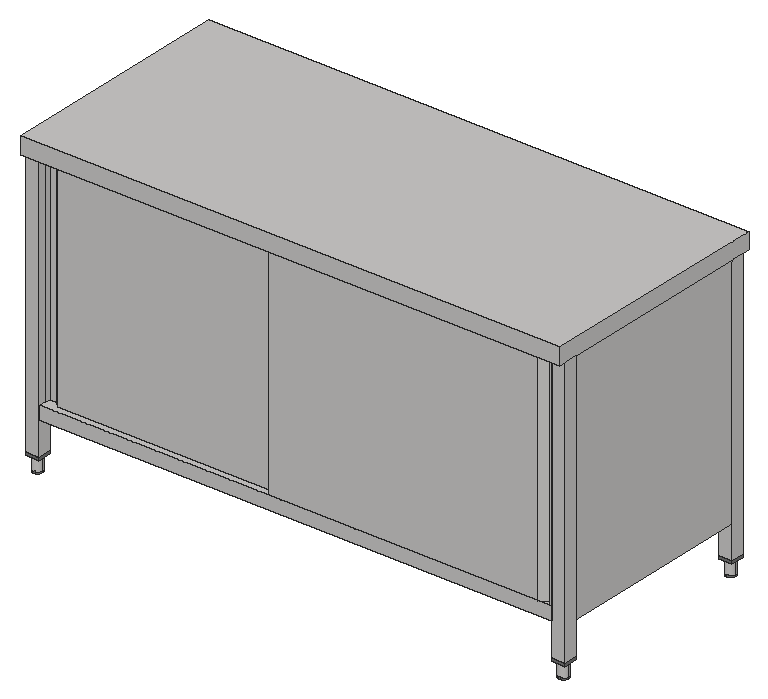
Revit family "QF_ELECTROLUXPROFESSIONAL_134030_GTN1600E", category Attrezzature speciali, Revit 2020
Family settings
  Quota connettore circolare = Usa diametro
  Tipo di parte = Normale
  Basato su piano di lavoro = No
  Sempre verticale = Sì
  Taglio con vuoti quando caricato = No
  Condiviso = No
  Punto di calcolo locali = No
Parameters (values of type "Standard")
  Weight = 84.00 kg
  Watts = 0 W
  Volts = 0 V
  URL Manufacturer = "https://www.electroluxprofessional.com/"
  URL = "https://www.electroluxprofessional.com/"
  Steam Supply Size = 0 mm
  Steam Supply Minimum Pressure = 0.0 Pa
  Steam Supply Maximum Pressure = 0.0 Pa
  Steam Consumption per Hour = 0
  Refrigeration Suction Line Size = 0.0 mm
  Refrigeration Liquid Line Size = 0.0 mm
  Refrigerant Compressor Remote = yes
  Prospetto di default = 0.0 mm
  Produttore = "Electrolux Professional"
  Phase = 0
  Modello = "GTN1600E"
  Length Actual = 1600.0 mm  # constant formula
  Item Number = "134030"
  Hot Water Size = 0 mm
  Height Actual = 900.0 mm  # constant formula
  HP = "0 HP"
  Gas Size = 0 mm
  Gas KW = 0
  Gas Input Pressure = 0 W
  Direct Waste Size = 0 mm
  Descrizione = "WORKTOP CUPBOARD 1600 MM"
  Depth Actual = 700.0 mm  # constant formula
  Cycle = 0 Hz
  Condensate Return Size = 0 mm
  Compressed Air Volume = 0.0 L/s
  Compressed Air Size = 0 mm
  Compressed Air Pressure = 0.0 Pa
  Cold Water Size = 0 mm
  Accessory = yes
Reference planes
  plane 1 "Center (Front/Back)": y = 0
  plane 2: z = 0
  plane 3 "Center (Left/Right)": x = -300
  plane 4 "LEFT": x = -1100
  plane 5 "RIGHT": x = 500
  plane 6 "BACK": y = 350
  plane 7 "FRONT": y = -350
  plane 8 "Base": z = 850
  plane 9 "TOP": z = 900
  plane 10: x = -1080
  plane 11: x = 480
  plane 12: y = 310
  plane 13: y = -310
  plane 14 "BodyLeft": x = -1100
  plane 15 "BodyFront": y = -330
  plane 16 "BodyRight": x = 500
  plane 17 "BodyBack": y = 330
  plane 18 "FEET": z = 150
  plane 19: x = -220
  plane 20: x = -380
Forms (mm)
  Extrusion 1, solid, material "QF_Finishes_Stainless Steel"
    sketch origin (-300, 0, 0) x (0, 1, 0) y (0, 0, 1)
      loop
        line (-350, 850) -> (350, 850) -> (350, 900) -> (-350, 900) -> (-350, 850)
    from 800 to -800
  Extrusion 2, solid, material "QF_Finishes_Stainless Steel"
    sketch origin (0, 0, 150) x (-1, 0, 0) y (0, -1, 0)
      loop
        line (1100, -290) -> (1100, 290) -> (1060, 290) -> (1060, -290) -> (1100, -290)
      loop
        line (-460, -290) -> (-460, 290) -> (-500, 290) -> (-500, -290) -> (-460, -290)
    from 0 to 700
  Extrusion 3, solid, material "QF_Finishes_Stainless Steel"
    sketch origin (0, 0, 150) x (-1, 0, 0) y (0, -1, 0)
      loop
        line (1060, -290) -> (1060, 330) -> (-460, 330) -> (-460, -290) -> (1060, -290)
    from 0 to 40
  Extrusion 4, solid, material "QF_Finishes_Stainless Steel"
    sketch origin (0, 0, 150) x (-1, 0, 0) y (0, -1, 0)
      loop
        line (1060, -290) -> (-460, -290) -> (-460, -330) -> (1060, -330) -> (1060, -290)
    from 0 to 700
  Extrusion 5, solid, material "QF_Finishes_Stainless Steel"
    sketch origin (0, 0, 150) x (-1, 0, 0) y (0, -1, 0)
      loop
        line (-460, 330) -> (-460, 310) -> (380, 310) -> (380, 330) -> (-420, 330) -> (-440, 315) -> (-455, 315) -> (-455, 330) -> (-460, 330)
    from 40 to 700
  Extrusion 6, solid, material "QF_Finishes_Stainless Steel"
    sketch origin (0, 20, 150) x (1, 0, 0) y (0, 1, 0)
      loop
        line (-1060, -330) -> (-1055, -330) -> (-1055, -315) -> (-1040, -315) -> (-1020, -330) -> (-220, -330) -> (-220, -310) -> (-1060, -310) -> (-1060, -330)
    from 40 to 700
  Extrusion 7, solid, material "QF_Finishes_Stainless Steel"
    sketch origin (0, 0, 150) x (-1, 0, 0) y (0, -1, 0)
      loop
        line (1060, 290) -> (-460, 290) -> (-460, -290) -> (1060, -290) -> (1060, 290)
    from 350 to 390
Lines and regions (mm)
  symbolic lines
    curve 1: line (500, 350, 900) -> (-1100, 350, 900)
    curve 2: line (-1100, 350, 900) -> (-1100, -350, 900)
    curve 3: line (-1100, -350, 900) -> (500, -350, 900)
    curve 4: line (500, -350, 900) -> (500, 350, 900)
  symbolic lines, style "SpecialityEquipmentHiddenLines"
    curve 5: line (-1100, 330, 150) -> (500, 330, 150)
    curve 6: line (-1100, -330, 150) -> (-1100, 330, 150)
    curve 7: line (500, -330, 150) -> (-1100, -330, 150)
    curve 8: line (500, 330, 150) -> (500, -330, 150)
    curve 9: line (-1060, -290, 150) -> (-220, -290, 150)
    curve 10: line (-220, -290, 150) -> (-220, -310, 150)
    curve 11: line (-1060, -310, 150) -> (460, -310, 150)
    curve 12: line (460, -310, 150) -> (460, -330, 150)
    curve 13: line (-380, -310, 150) -> (-380, -330, 150)
    curve 14: line (-1060, -290, 150) -> (-1060, -310, 150)
Dimensions and locks
  plane 4 "LEFT" to plane 5 "RIGHT" = 1600.0 mm
  equal spacing: plane 4 "LEFT", plane 3 "Center (Left/Right)", plane 5 "RIGHT"
  locked: plane 8 "Base" to level at 850
  plane 9 "TOP" to level = 900.0 mm
  plane 6 "BACK" to plane 7 "FRONT" = 700.0 mm
  equal spacing: plane 6 "BACK", plane 1 "Center (Front/Back)", plane 7 "FRONT"
  locked: plane 4 "LEFT" to plane 14 "BodyLeft"
  locked: plane 16 "BodyRight" to plane 5 "RIGHT"
  locked: plane 15 "BodyFront" to plane 7 "FRONT" at 20
  locked: plane 6 "BACK" to plane 17 "BodyBack" at 20
  locked: plane 14 "BodyLeft" to plane 10 at 20
  locked: plane 11 to plane 16 "BodyRight" at 20
  locked: plane 13 to plane 15 "BodyFront" at 20
  locked: plane 17 "BodyBack" to plane 12 at 20
  plane 10 to plane 11 = 1560.0 mm
  plane 12 to plane 13 = 620.0 mm
  locked: plane 14 "BodyLeft" to Extrusion 2 sketch curve at 40
  Extrusion 2 sketch curve to Extrusion 2 sketch curve = 40.0 mm
  locked: plane 3 "Center (Left/Right)" to plane 19 at 80
  locked: plane 20 to plane 3 "Center (Left/Right)" at 80
  locked: plane 18 "FEET" to plane 2 at 150
  aligned and locked: level to plane 2
  aligned and locked: plane 10 to nested 1
  aligned and locked: nested 1 to plane 13
  aligned and locked: plane 11 to nested 2
  aligned and locked: nested 2 to plane 13
  aligned and locked: plane 11 to nested 4
  aligned and locked: nested 4 to plane 12
  aligned and locked: plane 10 to nested 3
  aligned and locked: nested 3 to plane 12
  aligned and locked: Extrusion 1 to plane 4 "LEFT"
  aligned and locked: plane 5 "RIGHT" to Extrusion 1
  aligned and locked: curve 2 to plane 4 "LEFT"
  aligned and locked: Extrusion 2 sketch curve to plane 14 "BodyLeft"
  aligned and locked: plane 16 "BodyRight" to Extrusion 2 sketch curve
  aligned and locked: plane 8 "Base" to Extrusion 2
  aligned and locked: plane 8 "Base" to Extrusion 5
  aligned and locked: Extrusion 5 to Extrusion 3
  aligned and locked: Extrusion 6 sketch curve to plane 19
  aligned and locked: Extrusion 5 sketch curve to plane 20
  aligned and locked: Extrusion 1 to plane 8 "Base"
  aligned and locked: plane 9 "TOP" to Extrusion 1
  aligned and locked: curve 5 to plane 17 "BodyBack"
  aligned and locked: plane 14 "BodyLeft" to curve 6
  aligned and locked: plane 15 "BodyFront" to curve 7
  aligned and locked: plane 16 "BodyRight" to curve 8
  aligned and locked: Extrusion 3 sketch curve to Extrusion 2  (x2)
  aligned and locked: Extrusion 2 to Extrusion 4 sketch curve  (x2)
  aligned and locked: curve 7 to Extrusion 3 sketch curve
  aligned and locked: Extrusion 3 sketch curve to Extrusion 4
  aligned and locked: Extrusion 4 to plane 18 "FEET"
Automatic sketch dimensions
  curve 3 to plane 7 "FRONT" = 0.0 mm
  curve 4 to plane 6 "BACK" = 0.0 mm
  Extrusion 1 sketch curve to plane 7 "FRONT" = 0.0 mm
  plane 9 "TOP" to Extrusion 1 sketch curve = 0.0 mm
  Extrusion 1 sketch curve to plane 6 "BACK" = 0.0 mm
  Extrusion 1 sketch curve to plane 8 "Base" = 0.0 mm
  Extrusion 5 sketch curve to plane 15 "BodyFront" = 0.0 mm  (x2)
  Extrusion 5 sketch curve to plane 11 = 20.0 mm
  Extrusion 5 sketch curve to Extrusion 5 sketch curve = 5.0 mm
  Extrusion 5 sketch curve to Extrusion 5 sketch curve = 15.0 mm
  Extrusion 5 sketch curve to Extrusion 5 sketch curve = 20.0 mm
  plane 15 "BodyFront" to Extrusion 5 sketch curve = 15.0 mm
  plane 15 "BodyFront" to Extrusion 5 sketch curve = 20.0 mm
  Extrusion 6 sketch curve to plane 15 "BodyFront" = 20.0 mm  (x2)
  Extrusion 6 sketch curve to plane 10 = 20.0 mm
  Extrusion 6 sketch curve to Extrusion 6 sketch curve = 5.0 mm
  Extrusion 6 sketch curve to Extrusion 6 sketch curve = 15.0 mm
  Extrusion 6 sketch curve to Extrusion 6 sketch curve = 20.0 mm  (x2)
  Extrusion 6 sketch curve to plane 15 "BodyFront" = 35.0 mm
  curve 10 to plane 19 = 0.0 mm
  curve 13 to plane 20 = 0.0 mm
  curve 11 to plane 11 = 20.0 mm
  plane 15 "BodyFront" to curve 9 = 40.0 mm
  curve 12 to curve 12 = 20.0 mm
  plane 10 to curve 14 = 20.0 mm
  Extrusion 4 sketch curve to plane 12 = 20.0 mm
  plane 13 to Extrusion 2 sketch curve = 20.0 mm  (x2)
  Extrusion 2 sketch curve to plane 12 = 20.0 mm  (x2)
  Extrusion 4 sketch curve to plane 17 "BodyBack" = 0.0 mm
  Extrusion 7 sketch curve to plane 11 = 20.0 mm
  plane 10 to Extrusion 7 sketch curve = 20.0 mm
  Extrusion 7 sketch curve to plane 12 = 20.0 mm
  plane 13 to Extrusion 7 sketch curve = 20.0 mm
  curve 4 to plane 5 "RIGHT" = 0.0 mm
Nested families
  nested 1: "FEET_40x40_APP50" at (-1080, -310, 0), type "FEET_40x40_APP50"
  nested 2: "FEET_40x40_APP50" at (480, -310, 0), type "FEET_40x40_APP50"
  nested 3: "FEET_40x40_APP50" at (-1080, 310, 0), type "FEET_40x40_APP50"
  nested 4: "FEET_40x40_APP50" at (480, 310, 0), type "FEET_40x40_APP50"
Definition of nested family "FEET_40x40_APP50"
  Parameters
    Default Elevation = 0.0 mm
    FEET = 850.0 mm
  Reference planes
    plane 1 "Center (Front/Back)": y = 0
    plane 2: z = 0
    plane 3 "Center (Left/Right)": x = 0
    plane 4: z = 850
  Forms (mm)
    Extrusion 1, solid
      sketch origin (0, 0, 0) x (1, 0, 0) y (0, 1, 0)
        loop
          line (-20, -20) -> (20, -20) -> (20, 20) -> (-20, 20) -> (-20, -20)
      from 50 to 850
    Extrusion 2, solid
      sketch origin (0, 0, 0) x (1, 0, 0) y (0, 1, 0)
        loop
          circle (0, 0) r 15
      from 0 to 5
    Extrusion 3, solid
      sketch origin (0, 0, 0) x (1, 0, 0) y (0, 1, 0)
        loop
          line (-20, -20) -> (20, -20) -> (20, 20) -> (-20, 20) -> (-20, -20)
      from 50 to 42
    Extrusion 4, solid
      sketch origin (0, 0, 0) x (1, 0, 0) y (0, 1, 0)
        loop
          circle (0, 0) r 15
      from 5 to 42
  Lines and regions (mm)
    symbolic lines
      curve 1: line (0, -1.503, 0) -> (0, 1.508, 0)
      curve 2: line (1.561, 0, 0) -> (-1.439, 0, 0)
  Dimensions and locks
    "FEET": plane 4 to plane 2
    aligned and locked: level to plane 2
  Automatic sketch dimensions
    plane 1 "Center (Front/Back)" to curve 2 = 0.0 mm
    curve 1 to plane 3 "Center (Left/Right)" = 0.0 mm
    curve 2 to plane 3 "Center (Left/Right)" = 1.439 mm
    plane 3 "Center (Left/Right)" to curve 2 = 1.561 mm
    plane 1 "Center (Front/Back)" to curve 1 = 1.503 mm
    curve 1 to plane 1 "Center (Front/Back)" = 1.508 mm
    Extrusion 1 sketch curve to plane 3 "Center (Left/Right)" = 20.0 mm
    plane 3 "Center (Left/Right)" to Extrusion 1 sketch curve = 20.0 mm
    plane 1 "Center (Front/Back)" to Extrusion 1 sketch curve = 20.0 mm
    Extrusion 1 sketch curve to plane 1 "Center (Front/Back)" = 20.0 mm
    plane 1 "Center (Front/Back)" to Extrusion 2 sketch curve = 0.0 mm
    Extrusion 2 sketch curve to plane 3 "Center (Left/Right)" = 0.0 mm
    Extrusion 3 sketch curve to plane 3 "Center (Left/Right)" = 20.0 mm
    plane 3 "Center (Left/Right)" to Extrusion 3 sketch curve = 20.0 mm
    plane 1 "Center (Front/Back)" to Extrusion 3 sketch curve = 20.0 mm
    Extrusion 3 sketch curve to plane 1 "Center (Front/Back)" = 20.0 mm
    plane 1 "Center (Front/Back)" to Extrusion 4 sketch curve = 0.0 mm
    Extrusion 4 sketch curve to plane 3 "Center (Left/Right)" = 0.0 mm
    radius of Extrusion 2 sketch curve = 15.0 mm
    radius of Extrusion 4 sketch curve = 15.0 mm
